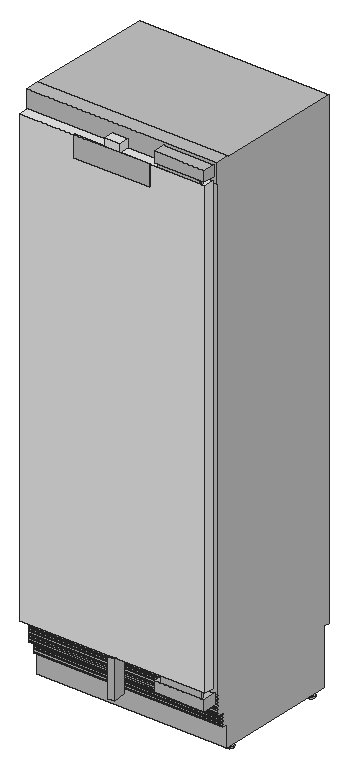
Revit family "FP_Revit_18_RS3084SRHK1_Fridge_90001079A", category Specialty Equipment, Revit 2018
Family settings
  Round Connector Dimension = Use Diameter
  Part Type = Normal
  OmniClass Number = 23.40.40.11.11
  OmniClass Title = Refrigerators and Freezers
  Work Plane-Based = No
  Always vertical = Yes
  Cut with Voids When Loaded = Yes
  Shared = No
  Room Calculation Point = No
Parameters (values of type "RS3084SRK1")
  Visibility - Water Connection = no
  Visibility - Visibility Control Note = yes
  Visibility - Clearance Required = yes
  URL = "www.fisherpaykel.com"
  Stainless Steel Door Panels (RD3484R4D) = no
  Product - Width = 756 mm  # constant formula
  Product - Height = 2134 mm  # constant formula
  Product - Depth (exl front panel) = 610 mm  # constant formula
  Model = "RS3084SRK1"
  Material - Handle = Fisher & Paykel - Aluminium
  Material - Door Structure = Fisher & Paykel - White
  Material - Door Front = Fisher & Paykel - Stainless Steel
  Material - Body = Fisher & Paykel - Grey
  Manufacturer = "Fisher & Paykel Appliances"
  Handle Style - Professional Square (AHV2-RD84) = no
  Handle Style - Professional Round (AHC-RD84) = no
  Handle Style - Contemporary Square (AHD3-RD84) = no
  Handle Style - Contemporary Round (AHS-RD84) = no
  Description = "30\" Integrated Column Refrigerator, stainless steel interior"
  Connector Description - Water = "Water Supply not required"
  Connector Description - Electrical = "120 V, 10 amp fused electrical supply"
  Cavity - Width = 762 mm  # constant formula
  Cavity - Height = 2134 mm  # constant formula
  Cavity - Depth = 635 mm  # constant formula
Types (4, lengths in mm): name | Visibility - Water Connection | Model | Description | Connector Description - Water
  (no name) | no | "RS3084SRK1" | "30\" Integrated Column Refrigerator, stainless steel interior" | "Water Supply not required"
  RS3084SRK1 | no | "RS3084SRK1" | "30\" Integrated Column Refrigerator, stainless steel interior" | "Water Supply not required"
  RS3084SRHK1 | yes | "RS3084SRHK1" | "30\" Integrated Column Refrigerator with internal water, stainless steel interior" | "1/4\" (6mm) comp. stainless steel braided hose"
  RS3084SR1 | no | "RS3084SR1" | "30\" Integrated Column Refrigerator, white interior" | "Water Supply not required"
Reference planes
  plane 1 "Center (Front/Back)": y = 0
  plane 2: z = 0
  plane 3 "Center (Left/Right)": x = 0
  plane 4 "Product LHS": x = -378
  plane 5 "Product RHS": x = 378
  plane 6 "Product - Depth": y = 610
  plane 7 "Cavity LHS": x = -381
  plane 8 "Cavity RHS": x = 381
  plane 9 "Cavity - Depth": y = 612.9
  plane 10 "Handle Offset": x = -315
  plane 11 "Product Height": z = 2134
  plane 12 "Cavity Height": z = 2134
  plane 13 "Door Panel Datum": y = -4.1
Forms (mm)
  Extrusion 1, solid, material "Fisher & Paykel - Grey" <- "Material - Body", detail levels fine
    sketch origin (0, 0, 0) x (0, 1, 0) y (0, 0, 1)
      loop
        line (100.1, 19.1) -> (587.9, 19.1) -> (587.9, 239.7) -> (610, 239.7) -> (610, 2131.9) -> (105.1, 2131.9) -> (105.1, 2134) -> (49.9, 2134) -> (49.9, 2059) -> (56, 2059) -> (56, 228.6) -> (59.5, 228.6) -> (59.5, 219.7) -> (56.5, 219.7) -> (56.5, 215.9) -> (59.5, 215.9) -> (59.5, 207) -> (56.5, 207) -> (56.5, 203.2) -> (59.5, 203.2) -> (59.5, 194.3) -> (56.5, 194.3) -> (56.5, 190.5) -> (59.5, 190.5) -> (59.5, 181.6) -> (56.5, 181.6) -> (56.5, 177.8) -> (59.5, 177.8) -> (59.5, 168.9) -> (56.5, 168.9) -> (56.5, 165.1) -> (59.5, 165.1) -> (59.5, 156.2) -> (56.5, 156.2) -> (56.5, 152.4) -> (84.1, 152.4) -> (84.1, 143.5) -> (81.1, 143.5) -> (81.1, 139.7) -> (84.1, 139.7) -> (84.1, 130.8) -> (81.1, 130.8) -> (81.1, 127) -> (84.1, 127) -> (84.1, 118.1) -> (81.1, 118.1) -> (81.1, 114.3) -> (84.1, 114.3) -> (84.1, 105.4) -> (81.1, 105.4) -> (81.1, 101.6) -> (100.1, 101.6) -> (100.1, 19.1)
    from -378 to 378
  Extrusion 2, solid, material "Fisher & Paykel - Grey" <- "Material - Body"
    sketch origin (0, 0, 0) x (1, 0, 0) y (0, 1, 0)
      loop
        circle (-357.5, 547.8) r 4.1
      loop
        circle (-357.5, 141.8) r 4.1
      loop
        circle (357.5, 547.8) r 4.1
      loop
        circle (357.5, 141.8) r 4.1
    from 3 to 19.1
  Extrusion 3, solid, material "Fisher & Paykel - Grey" <- "Material - Body"
    sketch origin (0, 0, 0) x (1, 0, 0) y (0, 1, 0)
      loop
        circle (-357.5, 547.8) r 14.5
      loop
        circle (-357.5, 141.8) r 14.555
      loop
        circle (357.5, 547.8) r 14.5
      loop
        circle (357.5, 141.8) r 14.555
    from 0 to 3
  Extrusion 4, solid, material "Fisher & Paykel - Grey" <- "Material - Body", detail levels fine
    sketch origin (0, 0, 0) x (1, 0, 0) y (0, 1, 0)
      loop
        line (-7.5, 49) -> (-13.797, -4.1) -> (13.797, -4.1) -> (7.5, 49) -> (-7.5, 49)
    from 104.2 to 254.2
  Extrusion 5, solid, material "Fisher & Paykel - Grey" <- "Material - Body", detail levels fine
    sketch origin (0, 0, 0) x (0, 1, 0) y (0, 0, 1)
      loop
        line (0, 2070.6) -> (0, 1988.6) -> (2, 1988.6) -> (2, 2068.6) -> (4, 2068.6) -> (4, 2070.6) -> (0, 2070.6)
    from -150 to 150
  Extrusion 6, solid, material "Fisher & Paykel - Grey" <- "Material - Body"
    sketch origin (0, 0, 0) x (1, 0, 0) y (0, 0, 1)
      loop
        circle (303, 119.813) r 5
      loop
        circle (-303, 119.813) r 5
    from -590 to -587.9
  Extrusion 7, solid, material "Fisher & Paykel - White" <- "Material - Door Structure"
    sketch origin (0, 0, 0) x (1, 0, 0) y (0, 1, 0)
      loop
        line (-353, 56) -> (-353, 42) -> (353, 42) -> (353, 56) -> (-353, 56)
    from 269.6 to 2030.7
  Extrusion 8, solid, material "Fisher & Paykel - White" <- "Material - Door Structure"
    sketch origin (0, 0, 0) x (1, 0, 0) y (0, 1, 0)
      loop
        line (-369.4, 42) -> (-369.4, 3) -> (369.4, 3) -> (369.4, 42) -> (-369.4, 42)
    from 254.2 to 2068.6
  Extrusion 9, solid, material "Fisher & Paykel - White" <- "Material - Door Structure", detail levels fine
    sketch origin (0, 0, 0) x (1, 0, 0) y (0, 0, 1)
      loop
        line (-29.5, 2100.1) -> (-29.5, 2068.6) -> (29.5, 2068.6) -> (29.5, 2100.1) -> (-29.5, 2100.1)
    from -42 to -3
  Extrusion 10, solid, material "Fisher & Paykel - Stainless Steel" <- "Material - Door Front", visible <- "Stainless Steel Door Panels (RD3484R4D)"
    sketch origin (0, 0, 0) x (0, 1, 0) y (0, 0, 1)
      loop
        line (-22.1, 2130.8) -> (-22.1, 102) -> (-4.1, 102) -> (-4.1, 2130.8) -> (-22.1, 2130.8)
    from -378 to 378
  Extrusion 11, solid, material "Fisher & Paykel - Grey" <- "Material - Body", detail levels coarse+medium
    sketch origin (0, 0, 0) x (0, 1, 0) y (0, 0, 1)
      loop
        line (49.9, 2134) -> (49.9, 2059) -> (56, 2059) -> (56, 152.4) -> (81.1, 152.4) -> (81.1, 101.6) -> (100.1, 101.6) -> (100.1, 19.1) -> (587.9, 19.1) -> (587.9, 239.7) -> (610, 239.7) -> (610, 2134) -> (49.9, 2134)
    from -378 to 378
  Extrusion 12, solid, material "Fisher & Paykel - Grey" <- "Material - Body", detail levels fine
    sketch origin (0, 0, -4) x (0, 1, 0) y (0, 0, 1)
      loop
        arc (163.888, 23.1) -> (180.4, 13.63) -> (196.912, 23.1) r 19.13
        line (196.912, 23.1) -> (163.888, 23.1)
      loop
        arc (493.888, 23.1) -> (510.4, 13.63) -> (526.912, 23.1) r 19.13
        line (526.912, 23.1) -> (493.888, 23.1)
    from 191 to 219
  Extrusion 13, solid, material "Fisher & Paykel - Grey" <- "Material - Body", detail levels fine
    sketch origin (0, 0, -4) x (0, 1, 0) y (0, 0, -1)
      loop
        line (163.888, -23.1) -> (196.912, -23.1)
        arc (196.912, -23.1) -> (180.4, -13.63) -> (163.888, -23.1) r 19.13
      loop
        line (493.888, -23.1) -> (526.912, -23.1)
        arc (526.912, -23.1) -> (510.4, -13.63) -> (493.888, -23.1) r 19.13
    from 191 to 219
  Extrusion 14, solid, material "Fisher & Paykel - Clearance Required", visible <- "Visibility - Clearance Required", detail levels coarse
    sketch origin (0, 0, 0) x (1, 0, 0) y (0, 1, 0)
      loop
        line (-381, 612.9) -> (-381, -4.1) -> (381, -4.1) -> (381, 612.9) -> (-381, 612.9)
    from 0 to 2134
  Extrusion 15, void
    sketch origin (0, 0, 0) x (1, 0, 0) y (0, 1, 0)
      loop
        line (-381, 612.9) -> (-381, -22.1) -> (381, -22.1) -> (381, 612.9) -> (-381, 612.9)
    from 0 to 2134
  Extrusion 16, solid, material "Fisher & Paykel - Grey" <- "Material - Body", detail levels fine
    sketch origin (73, 0, 0) x (1, 0, 0) y (0, 0, 1)
      loop
        line (118.4, 254.2) -> (118.4, 229.75) -> (282.9, 229.75) -> (282.9, 254.2) -> (118.4, 254.2)
      loop
        line (106, 2081.05) -> (106, 2068.6) -> (282.9, 2068.6) -> (282.9, 2076.05) -> (242.9, 2081.05) -> (106, 2081.05)
    from -7 to -4
  Extrusion 17, solid, material "Fisher & Paykel - Clearance Required", visible <- "Visibility - Clearance Required", detail levels coarse
    sketch origin (0, 0, 0) x (1, 0, 0) y (0, 1, 0)
      loop
        line (-328.5, -22.1) -> (-378, -22.1)
        arc (-378, -22.1) -> (-22.015, -691.951) -> (734.604, -746.289) r 783.517
        line (734.604, -746.289) -> (712.602, -698.95) -> (738.875, -686.699)
        arc (738.875, -686.699) -> (747.815, -662.136) -> (723.252, -653.196) r 18.483
        line (723.252, -653.196) -> (697.006, -665.395) -> (415.915, -60.616)
        arc (415.915, -60.616) -> (380.992, -57.074) -> (378, -22.1) r 27.5
        line (378, -22.1) -> (-328.5, -22.1)
    from 0 to 2134
  Extrusion 18, solid, material "Fisher & Paykel - Grey" <- "Material - Body", detail levels fine
    sketch origin (0, 0, 0) x (1, 0, 0) y (0, 0, 1)
      loop
        line (366.4, 2123.15) -> (168.42, 2123.15) -> (168.42, 2081.05) -> (366.4, 2081.05) -> (366.4, 2123.15)
    from -49 to -2.5
  Extrusion 19, solid, material "Fisher & Paykel - Grey" <- "Material - Body", detail levels fine
    sketch origin (0, 0, 0) x (1, 0, 0) y (0, 0, 1)
      loop
        line (366.4, 187.65) -> (366.4, 229.75) -> (168.42, 229.75) -> (168.42, 187.65) -> (366.4, 187.65)
    from -56 to -2.5
Lines and regions (mm)
  model lines, style "Fisher & Paykel"
    curve 1: line (-378, -4.1, 2130.8) -> (378, -4.1, 2130.8)
    curve 2: line (-378, -4.1, 102) -> (-378, -4.1, 2130.8)
    curve 3: line (378, -4.1, 102) -> (-378, -4.1, 102)
    curve 4: line (378, -4.1, 2130.8) -> (378, -4.1, 102)
Text (mm)
  text "Due to ongoing product development, product details are subject to change without notice. \nPlease always refer to www.fisherpaykel.com for the most current product information. \n© Fisher & Paykel 2020" at (41.04, -848.295, 0), in view "Ref. Level (Plan)"
Dimensions and locks
  equal spacing: plane 4 "Product LHS", plane 3 "Center (Left/Right)", plane 5 "Product RHS"
  "Product - Width": plane 4 "Product LHS" to plane 5 "Product RHS"
  "Product - Depth (exl front panel)": plane 1 "Center (Front/Back)" to plane 6 "Product - Depth"
  equal spacing: plane 7 "Cavity LHS", plane 3 "Center (Left/Right)", plane 8 "Cavity RHS"
  "Cavity - Width": plane 7 "Cavity LHS" to plane 8 "Cavity RHS"
  plane 4 "Product LHS" to Extrusion 2 sketch curve = 24.6 mm
  plane 4 "Product LHS" to plane 10 "Handle Offset" = 63 mm
  Extrusion 6 sketch curve to Extrusion 1 = 119.887 mm  (x2)
  Extrusion 6 sketch curve to plane 5 "Product RHS" = 75 mm
  plane 4 "Product LHS" to Extrusion 6 sketch curve = 75 mm
  Extrusion 1 sketch curve to Extrusion 1 sketch curve = 82.5 mm
  Extrusion 1 sketch curve to Extrusion 1 sketch curve = 209.5 mm
  Extrusion 1 sketch curve to Extrusion 1 sketch curve = 220.6 mm
  Extrusion 3 to level = 3 mm
  Extrusion 11 to Extrusion 8 = 235.1 mm
  Extrusion 11 to Extrusion 7 = 250.5 mm
  Extrusion 11 to Extrusion 11 = 2114.9 mm
  Extrusion 11 to Extrusion 10 = 82.9 mm
  "Product - Height": level to plane 11 "Product Height"
  plane 11 "Product Height" to Extrusion 10 = 3.2 mm
  Extrusion 8 to plane 11 "Product Height" = 65.4 mm
  Extrusion 7 to plane 11 "Product Height" = 103.3 mm
  Extrusion 11 sketch curve to plane 11 "Product Height" = 75 mm
  Extrusion 1 sketch curve to plane 11 "Product Height" = 2.1 mm
  Extrusion 1 sketch curve to plane 11 "Product Height" = 75 mm
  "Cavity - Height": plane 12 "Cavity Height" to level
  plane 1 "Center (Front/Back)" to Extrusion 14 = 612.9 mm
  plane 1 "Center (Front/Back)" to Extrusion 15 = 612.9 mm
  Extrusion 16 sketch curve to Extrusion 16 sketch curve = 40 mm
  Extrusion 16 sketch curve to plane 3 "Center (Left/Right)" = 179 mm
  Extrusion 16 sketch curve to Extrusion 16 sketch curve = 176.9 mm
  Extrusion 16 sketch curve to plane 3 "Center (Left/Right)" = 191.4 mm
  plane 3 "Center (Left/Right)" to Extrusion 16 sketch curve = 355.9 mm
  Extrusion 17 to plane 1 "Center (Front/Back)" = 22.1 mm
  "Cavity - Depth": plane 9 "Cavity - Depth" to Extrusion 17
  radius of Extrusion 6 sketch curve = 5 mm
  aligned and locked: level to plane 2
  aligned and locked: Extrusion 10 to plane 5 "Product RHS"
  aligned and locked: plane 4 "Product LHS" to Extrusion 10
  aligned and locked: Extrusion 11 to plane 5 "Product RHS"
  aligned and locked: Extrusion 11 to plane 4 "Product LHS"
  aligned and locked: Extrusion 11 sketch curve to plane 11 "Product Height"
  aligned and locked: plane 11 "Product Height" to Extrusion 1 sketch curve
  aligned and locked: Extrusion 12 sketch curve to Extrusion 12 sketch curve
  aligned and locked: Extrusion 13 sketch curve to Extrusion 13 sketch curve
  aligned and locked: Extrusion 1 to plane 5 "Product RHS"
  aligned and locked: plane 4 "Product LHS" to Extrusion 1
  aligned and locked: Extrusion 11 sketch curve to Extrusion 1  (x4)
  aligned and locked: Extrusion 2 to Extrusion 1
  aligned and locked: nested 2 to plane 10 "Handle Offset"
  aligned and locked: nested 3 to plane 10 "Handle Offset"
  aligned and locked: nested 4 to plane 10 "Handle Offset"
  aligned and locked: nested 5 to plane 10 "Handle Offset"
Automatic sketch dimensions
  Extrusion 1 sketch curve to plane 6 "Product - Depth" = 0 mm
  Extrusion 1 sketch curve to Extrusion 1 sketch curve = 22.1 mm
  Extrusion 1 sketch curve to plane 1 "Center (Front/Back)" = 105.1 mm
  level to Extrusion 1 sketch curve = 19.1 mm
  Extrusion 1 sketch curve to plane 1 "Center (Front/Back)" = 100.1 mm
  Extrusion 1 sketch curve to Extrusion 1 sketch curve = 16 mm
  Extrusion 1 sketch curve to Extrusion 1 sketch curve = 0 mm  (x8)
  Extrusion 1 sketch curve to Extrusion 1 sketch curve = 3 mm  (x10)
  Extrusion 1 sketch curve to plane 1 "Center (Front/Back)" = 59.5 mm
  Extrusion 1 sketch curve to plane 1 "Center (Front/Back)" = 56 mm
  Extrusion 1 sketch curve to plane 1 "Center (Front/Back)" = 49.9 mm
  Extrusion 1 sketch curve to Extrusion 1 sketch curve = 3.8 mm  (x10)
  Extrusion 1 sketch curve to Extrusion 1 sketch curve = 8.9 mm  (x9)
  Extrusion 2 sketch curve to plane 4 "Product LHS" = 20.5 mm  (x2)
  plane 5 "Product RHS" to Extrusion 2 sketch curve = 20.5 mm  (x2)
  Extrusion 2 sketch curve to plane 1 "Center (Front/Back)" = 141.8 mm  (x2)
  Extrusion 2 sketch curve to plane 6 "Product - Depth" = 62.2 mm  (x2)
  Extrusion 3 sketch curve to plane 4 "Product LHS" = 20.5 mm  (x2)
  plane 5 "Product RHS" to Extrusion 3 sketch curve = 20.5 mm  (x2)
  Extrusion 3 sketch curve to plane 1 "Center (Front/Back)" = 141.8 mm  (x2)
  Extrusion 3 sketch curve to plane 6 "Product - Depth" = 62.2 mm  (x2)
  plane 1 "Center (Front/Back)" to Extrusion 4 sketch curve = 4.1 mm
  Extrusion 4 sketch curve to plane 3 "Center (Left/Right)" = 13.797 mm
  Extrusion 4 sketch curve to plane 3 "Center (Left/Right)" = 7.5 mm
  plane 3 "Center (Left/Right)" to Extrusion 4 sketch curve = 7.5 mm
  plane 3 "Center (Left/Right)" to Extrusion 4 sketch curve = 13.797 mm
  Extrusion 4 sketch curve to plane 1 "Center (Front/Back)" = 49 mm
  Extrusion 5 sketch curve to plane 1 "Center (Front/Back)" = 0 mm
  Extrusion 5 sketch curve to plane 1 "Center (Front/Back)" = 2 mm
  Extrusion 5 sketch curve to Extrusion 5 sketch curve = 2 mm  (x2)
  plane 11 "Product Height" to Extrusion 5 sketch curve = 145.4 mm
  plane 11 "Product Height" to Extrusion 5 sketch curve = 65.4 mm
  Extrusion 7 sketch curve to plane 4 "Product LHS" = 25 mm
  plane 5 "Product RHS" to Extrusion 7 sketch curve = 25 mm
  Extrusion 7 sketch curve to plane 1 "Center (Front/Back)" = 42 mm
  Extrusion 7 sketch curve to Extrusion 7 sketch curve = 14 mm
  Extrusion 8 sketch curve to plane 1 "Center (Front/Back)" = 3 mm
  Extrusion 8 sketch curve to plane 4 "Product LHS" = 8.6 mm
  plane 5 "Product RHS" to Extrusion 8 sketch curve = 8.6 mm
  Extrusion 8 sketch curve to Extrusion 8 sketch curve = 39 mm
  Extrusion 9 sketch curve to plane 3 "Center (Left/Right)" = 29.5 mm
  plane 3 "Center (Left/Right)" to Extrusion 9 sketch curve = 29.5 mm
  plane 11 "Product Height" to Extrusion 9 sketch curve = 65.4 mm
  Extrusion 9 sketch curve to Extrusion 9 sketch curve = 31.5 mm
  plane 1 "Center (Front/Back)" to Extrusion 10 sketch curve = 22.1 mm
  plane 1 "Center (Front/Back)" to Extrusion 10 sketch curve = 4.1 mm
  level to Extrusion 10 sketch curve = 102 mm
  plane 11 "Product Height" to Extrusion 10 sketch curve = 3.2 mm
  Extrusion 11 sketch curve to plane 6 "Product - Depth" = 0 mm
  Extrusion 11 sketch curve to plane 6 "Product - Depth" = 22.1 mm
  Extrusion 11 sketch curve to plane 1 "Center (Front/Back)" = 100.1 mm
  Extrusion 11 sketch curve to Extrusion 11 sketch curve = 19 mm
  Extrusion 11 sketch curve to plane 1 "Center (Front/Back)" = 56 mm
  Extrusion 11 sketch curve to plane 1 "Center (Front/Back)" = 49.9 mm
  Extrusion 11 sketch curve to Extrusion 11 sketch curve = 50.8 mm
  level to Extrusion 12 sketch curve = 19.1 mm
  Extrusion 12 sketch curve to plane 1 "Center (Front/Back)" = 163.888 mm
  Extrusion 12 sketch curve to Extrusion 12 sketch curve = 16.512 mm  (x2)
  Extrusion 12 sketch curve to plane 6 "Product - Depth" = 116.112 mm
  Extrusion 12 sketch curve to Extrusion 12 sketch curve = 9.66 mm  (x2)
  level to Extrusion 13 sketch curve = 19.1 mm
  Extrusion 13 sketch curve to plane 1 "Center (Front/Back)" = 163.888 mm
  Extrusion 13 sketch curve to Extrusion 13 sketch curve = 16.512 mm  (x2)
  Extrusion 13 sketch curve to plane 6 "Product - Depth" = 116.112 mm
  Extrusion 13 sketch curve to Extrusion 13 sketch curve = 9.66 mm  (x2)
  Extrusion 14 sketch curve to plane 7 "Cavity LHS" = 0 mm
  Extrusion 14 sketch curve to plane 8 "Cavity RHS" = 0 mm
  Extrusion 14 sketch curve to plane 9 "Cavity - Depth" = 0 mm
  plane 1 "Center (Front/Back)" to Extrusion 14 sketch curve = 4.1 mm
  Extrusion 15 sketch curve to plane 7 "Cavity LHS" = 0 mm
  Extrusion 15 sketch curve to plane 8 "Cavity RHS" = 0 mm
  Extrusion 15 sketch curve to plane 9 "Cavity - Depth" = 0 mm
  plane 1 "Center (Front/Back)" to Extrusion 15 sketch curve = 22.1 mm
  level to Extrusion 16 sketch curve = 229.75 mm
  Extrusion 16 sketch curve to Extrusion 16 sketch curve = 24.45 mm
  plane 11 "Product Height" to Extrusion 16 sketch curve = 65.4 mm
  Extrusion 16 sketch curve to Extrusion 16 sketch curve = 7.45 mm
  Extrusion 16 sketch curve to Extrusion 16 sketch curve = 5 mm
  Extrusion 17 sketch curve to plane 4 "Product LHS" = 0 mm
  plane 10 "Handle Offset" to Extrusion 17 sketch curve = 13.5 mm
  plane 5 "Product RHS" to Extrusion 17 sketch curve = 0 mm
  Extrusion 17 sketch curve to plane 8 "Cavity RHS" = 19.59 mm
  Extrusion 17 sketch curve to Extrusion 17 sketch curve = 4.816 mm
  Extrusion 17 sketch curve to Extrusion 17 sketch curve = 10.509 mm
  Extrusion 17 sketch curve to plane 8 "Cavity RHS" = 316.006 mm
  Extrusion 17 sketch curve to Extrusion 17 sketch curve = 15.596 mm
  Extrusion 17 sketch curve to Extrusion 17 sketch curve = 26.246 mm
  Extrusion 17 sketch curve to Extrusion 17 sketch curve = 7.811 mm  (x2)
  Extrusion 17 sketch curve to Extrusion 17 sketch curve = 22.003 mm
  plane 1 "Center (Front/Back)" to Extrusion 17 sketch curve = 746.289 mm
  Extrusion 17 sketch curve to Extrusion 17 sketch curve = 47.339 mm
  Extrusion 17 sketch curve to Extrusion 17 sketch curve = 12.251 mm
  Extrusion 17 sketch curve to Extrusion 17 sketch curve = 16.751 mm
  Extrusion 17 sketch curve to Extrusion 17 sketch curve = 12.199 mm
  Extrusion 17 sketch curve to Extrusion 17 sketch curve = 22.833 mm
  plane 11 "Product Height" to Extrusion 18 sketch curve = 10.85 mm
  plane 3 "Center (Left/Right)" to Extrusion 18 sketch curve = 168.42 mm
  plane 5 "Product RHS" to Extrusion 18 sketch curve = 11.6 mm
  Extrusion 18 sketch curve to Extrusion 18 sketch curve = 42.1 mm
  plane 3 "Center (Left/Right)" to Extrusion 19 sketch curve = 168.42 mm
  plane 5 "Product RHS" to Extrusion 19 sketch curve = 11.6 mm
  level to Extrusion 19 sketch curve = 187.65 mm
  Extrusion 19 sketch curve to Extrusion 19 sketch curve = 42.1 mm
  plane 5 "Product RHS" to curve 1 = 0 mm
  plane 4 "Product LHS" to curve 3 = 0 mm
  level to curve 3 = 102 mm
  plane 11 "Product Height" to curve 2 = 3.2 mm
  radius of Extrusion 2 sketch curve = 4.1 mm  (x3)
  radius of Extrusion 3 sketch curve = 14.5 mm  (x2)
  radius of Extrusion 3 sketch curve = 14.555 mm  (x2)
  radius of Extrusion 6 sketch curve = 5 mm
Nested families
  nested 1: "Visibility Control Note 18" at (0, 0, 0), visible <- "Visibility - Visibility Control Note", type "Visibility Control Note 18"
  nested 2: "Handle Contemporary Round - Vertical" at (-315, -22.1, 1242.58), visible <- "Handle Style - Contemporary Round (AHS-RD84)", type "AHS-RD84 - Contemporary round handle (Vertical) 852mm"
  nested 3: "Handle Contemporary Square - Vertical" at (-315, -22.1, 1242.58), visible <- "Handle Style - Contemporary Square (AHD3-RD84)", type "AHD3-RD84 - Contemporary square handle (Vertical) 852mm"
  nested 4: "Handle Professional Round - Vertical" at (-315, -22.1, 1242.58), visible <- "Handle Style - Professional Round (AHC-RD84)", type "AHC-RD84 - Professional round handle (Vertical) 786mm"
  nested 5: "Handle Professional Square - Vertical" at (-315, -22.1, 1242.58), visible <- "Handle Style - Professional Square (AHV2-RD84)", type "AHV2-RD84 - Professional square handle (Vertical) 792mm"
Connectors
  electrical at (-303, 590, 119.813), driven by "Connector Description - Electrical"
    settings: on Extrusion 6, index 1, voltage 120 V, apparent load 0 VA, apparent load phase1 0 VA, apparent load phase2 0 VA, apparent load phase3 0 VA, power factor 1, load classification "Other", number of poles 1, system type 30, power factor state 1, is connector primary yes, connector utility no, sub classification motor no, connector description "120 V, 10 amp fused electrical supply"
  piping at (303, 590, 119.813), diameter 12.7, driven by "Visibility - Water Connection", driven by "Connector Description - Water"
    settings: on Extrusion 6, index 2, connector inside diameter 609.6 mm, connector length 0 mm, flow factor 0, pipe flow 0.0 L/s, pressure drop 0.0 Pa, fitting loss kfactor 0, connector angle 0.00°, fixture units 0, engagement length 0 mm, angle of deflection 0.00°, flow configuration 0, flow direction 1, fitting loss method 0, system type 20, joint type 0, gender type 0, connector reference index -1, connector utility 0, adjustable connector no, is connector primary yes, connector description "Water Supply not required"
Definition of nested family "Handle Contemporary Round - Vertical"
  Parameters (values of type "AHSRS80A - Contemporary round handle (1 of 2) (Vertical) 727mm")
    URL = "www.fisherpaykel.com"
    Material - Handle = none
    Manufacturer = "Fisher & Paykel Appliances"
    Handle - Length = 727 mm
  Types (6, lengths in mm): name | Handle - Length
    AHS-RD21 - Contemporary round handle (Vertical) 852mm | 852
    AHSRD2484W - Contemporary round handle (1 of 2) (Vertical) 727mm | 727
    AHSRD3084W - Contemporary round handle (1 of 2) (Vertical) 727mm | 727
    AHS-RD84 - Contemporary round handle (Vertical) 852mm | 852
    AHSRS3272A - Contemporary round handle (1 of 2) (Vertical) 727mm | 727
    AHSRS80A - Contemporary round handle (1 of 2) (Vertical) 727mm | 727
  Reference planes
    plane 1 "Center (Front/Back)": y = 0
    plane 2: z = 0
    plane 3 "Center (Left/Right)": x = 0
    plane 4 "Top": z = 363.5
    plane 5 "Bottom": z = -363.5
    plane 6 "Top Standoff": z = 243.5
    plane 7 "Bottom Standoff": z = -243.5
  Forms (mm)
    Extrusion 1, solid, material <- "Material - Handle"
      sketch origin (0, 0, 0) x (1, 0, 0) y (0, 1, 0)
        loop
          circle (0, -32.3) r 8.7
      from -243.5 to 243.5
    Extrusion 2, solid, material <- "Material - Handle", detail levels fine
      sketch origin (0, 0, 0) x (1, 0, 0) y (0, 1, 0)
        loop
          line (-8.7, 0) -> (-8.7, -32.3)
          arc (-8.7, -32.3) -> (0, -41) -> (8.7, -32.3) r 8.7
          line (8.7, -32.3) -> (8.7, 0) -> (-8.7, 0)
      from 243.5 to 363.5
    Extrusion 3, solid, material <- "Material - Handle", detail levels fine
      sketch origin (0, 0, 0) x (1, 0, 0) y (0, 1, 0)
        loop
          line (-8.7, 0) -> (-8.7, -32.3)
          arc (-8.7, -32.3) -> (0, -41) -> (8.7, -32.3) r 8.7
          line (8.7, -32.3) -> (8.7, 0) -> (-8.7, 0)
      from -363.5 to -243.5
    Sweep 4, void
      path in 3D
        loop
          line (8.7, 0, -363.5) -> (8.7, -32.3, -363.5)
          arc (8.7, -32.3, -363.5) -> (0, -41, -363.5) -> (-8.7, -32.3, -363.5) r 8.7
          line (-8.7, -32.3, -363.5) -> (-8.7, 0, -363.5)
      profile origin (8.7, -16.15, -363.5) x (-1, 0, 0) y (0, 0, -1)
        loop
          line (0, 0) -> (0, -1) -> (1, 0) -> (0, 0)
    Sweep 5, void
      path in 3D
        loop
          line (-8.7, 0, 363.5) -> (-8.7, -32.3, 363.5)
          arc (-8.7, -32.3, 363.5) -> (0, -41, 363.5) -> (8.7, -32.3, 363.5) r 8.7
          line (8.7, -32.3, 363.5) -> (8.7, 0, 363.5)
      profile origin (8.7, -16.15, 363.5) x (-1, 0, 0) y (0, 0, 1)
        loop
          line (0, 0) -> (0, -1) -> (1, 0) -> (0, 0)
    Extrusion 6, solid, material <- "Material - Handle", detail levels coarse+medium
      sketch origin (0, 0, 0) x (1, 0, 0) y (0, 1, 0)
        loop
          line (-8.7, 0) -> (-8.7, -32.3)
          arc (-8.7, -32.3) -> (0, -41) -> (8.7, -32.3) r 8.7
          line (8.7, -32.3) -> (8.7, 0) -> (-8.7, 0)
      from 243.5 to 363.5
    Extrusion 7, solid, material <- "Material - Handle", detail levels coarse+medium
      sketch origin (0, 0, 0) x (1, 0, 0) y (0, 1, 0)
        loop
          line (-8.7, 0) -> (-8.7, -32.3)
          arc (-8.7, -32.3) -> (0, -41) -> (8.7, -32.3) r 8.7
          line (8.7, -32.3) -> (8.7, 0) -> (-8.7, 0)
      from -363.5 to -243.5
  Cuts and joins
    Sweep 4 cuts Extrusion 3
    Sweep 5 cuts Extrusion 2
  Lines and regions (mm)
    sketch lines
      curve 1: line (8.7, 0, -363.5) -> (8.7, -32.3, -363.5)
      curve 2: arc (-8.7, -32.3, -363.5) -> (0, -41, -363.5) -> (8.7, -32.3, -363.5) r 8.7
      curve 3: line (-8.7, -32.3, -363.5) -> (-8.7, 0, -363.5)
      curve 4: line (8.7, -32.3, 363.5) -> (8.7, 0, 363.5)
      curve 5: arc (8.7, -32.3, 363.5) -> (0, -41, 363.5) -> (-8.7, -32.3, 363.5) r 8.7
      curve 6: line (-8.7, 0, 363.5) -> (-8.7, -32.3, 363.5)
  Dimensions and locks
    equal spacing: plane 4 "Top", level, plane 5 "Bottom"
    "Handle - Length": plane 4 "Top" to plane 5 "Bottom"
    locked: plane 4 "Top" to plane 6 "Top Standoff" at 120
    locked: plane 7 "Bottom Standoff" to plane 5 "Bottom" at 120
    Extrusion 2 sketch curve to Extrusion 2 sketch curve = 17.4 mm
    Extrusion 3 sketch curve to Extrusion 3 sketch curve = 17.4 mm
    Extrusion 6 sketch curve to Extrusion 6 sketch curve = 17.4 mm
    Extrusion 7 sketch curve to Extrusion 7 sketch curve = 17.4 mm
    aligned and locked: level to plane 2
    aligned and locked: plane 4 "Top" to Extrusion 2
    aligned and locked: Extrusion 3 to plane 5 "Bottom"
    aligned and locked: plane 7 "Bottom Standoff" to Extrusion 3
    aligned and locked: Extrusion 1 to plane 7 "Bottom Standoff"
    aligned and locked: plane 6 "Top Standoff" to Extrusion 1
    aligned and locked: Extrusion 2 to Extrusion 1
    aligned and locked: Extrusion 6 to Extrusion 1
    aligned and locked: plane 4 "Top" to Extrusion 6
    aligned and locked: Extrusion 7 to Extrusion 1
    aligned and locked: Extrusion 7 to plane 5 "Bottom"
  Automatic sketch dimensions
    Extrusion 1 sketch curve to plane 3 "Center (Left/Right)" = 0 mm
    plane 1 "Center (Front/Back)" to Extrusion 1 sketch curve = 32.3 mm
    plane 1 "Center (Front/Back)" to Extrusion 2 sketch curve = 0 mm
    Extrusion 2 sketch curve to plane 3 "Center (Left/Right)" = 0 mm
    Extrusion 2 sketch curve to plane 3 "Center (Left/Right)" = 8.7 mm
    plane 1 "Center (Front/Back)" to Extrusion 2 sketch curve = 32.3 mm
    plane 1 "Center (Front/Back)" to Extrusion 3 sketch curve = 0 mm
    Extrusion 3 sketch curve to plane 3 "Center (Left/Right)" = 0 mm
    Extrusion 3 sketch curve to plane 3 "Center (Left/Right)" = 8.7 mm
    plane 1 "Center (Front/Back)" to Extrusion 3 sketch curve = 32.3 mm
    Sweep 4 sketch curve to profile plane = 0 mm  (x2)
    Sweep 4 sketch curve to profile plane = 1 mm  (x2)
    Sweep 5 sketch curve to profile plane = 0 mm  (x2)
    Sweep 5 sketch curve to profile plane = 1 mm  (x2)
    Extrusion 6 sketch curve to plane 3 "Center (Left/Right)" = 0 mm
    Extrusion 6 sketch curve to plane 3 "Center (Left/Right)" = 8.7 mm
    plane 1 "Center (Front/Back)" to Extrusion 6 sketch curve = 32.3 mm
    Extrusion 6 sketch curve to Extrusion 6 sketch curve = 32.3 mm
    Extrusion 7 sketch curve to plane 3 "Center (Left/Right)" = 0 mm
    Extrusion 7 sketch curve to plane 3 "Center (Left/Right)" = 8.7 mm
    plane 1 "Center (Front/Back)" to Extrusion 7 sketch curve = 32.3 mm
    Extrusion 7 sketch curve to Extrusion 7 sketch curve = 32.3 mm
    radius of Extrusion 1 sketch curve = 8.7 mm
Definition of nested family "Handle Contemporary Square - Vertical"
  Parameters (values of type "AHD3RS80A - Contemporary square handle (1 of 2) (Vertical) 727mm")
    URL = "www.fisherpaykel.com"
    Material - Handle = none
    Manufacturer = "Fisher & Paykel Appliances"
    Handle - Length = 727 mm
  Types (7, lengths in mm): name | Handle - Length
    (no name) | 727
    AHD3-RD21 - Contemporary square handle (Vertical) 852mm | 852
    AHD3RD2484W - Contemporary square handle (1 of 2) (Vertical) 727mm | 727
    AHD3RD3084W - Contemporary square handle (1 of 2) (Vertical) 727mm | 727
    AHD3-RD84 - Contemporary square handle (Vertical) 852mm | 852
    AHD3RS3272A - Contemporary square handle (1 of 2) (Vertical) 727mm | 727
    AHD3RS80A - Contemporary square handle (1 of 2) (Vertical) 727mm | 727
  Reference planes
    plane 1 "Center (Front/Back)": y = 0
    plane 2: z = 0
    plane 3 "Center (Left/Right)": x = 0
    plane 4 "Top": z = 363.5
    plane 5 "Bottom": z = -363.5
    plane 6 "Top Standoff": z = 243.5
    plane 7 "Bottom Standoff": z = -243.5
  Forms (mm)
    Extrusion 1, solid, material <- "Material - Handle", detail levels fine
      sketch origin (0, 0, 0) x (1, 0, 0) y (0, 1, 0)
        loop
          arc (-7.583, -28.701) -> (-7.89, -29.057) -> (-8, -29.514) r 1
          line (-8, -29.514) -> (-8, -40.5)
          arc (-8, -40.5) -> (-7.561, -41.561) -> (-6.5, -42) r 1.5
          line (-6.5, -42) -> (6.5, -42)
          arc (6.5, -42) -> (7.561, -41.561) -> (8, -40.5) r 1.5
          line (8, -40.5) -> (8, -29.487)
          arc (8, -29.487) -> (7.889, -29.029) -> (7.58, -28.673) r 1
          arc (7.58, -28.673) -> (-0.006, -26.256) -> (-7.583, -28.701) r 13.038
      from -363.5 to 363.5
    Extrusion 2, solid, material <- "Material - Handle", detail levels fine
      sketch origin (0, 0, 0) x (1, 0, 0) y (0, 1, 0)
        loop
          arc (7.058, -28.23) -> (7.466, -28.244) -> (7.674, -27.893) r 0.4
          line (7.674, -27.893) -> (7.674, 0) -> (-7.674, 0) -> (-7.674, -27.86)
          arc (-7.674, -27.86) -> (-7.467, -28.21) -> (-7.06, -28.198) r 0.4
          arc (-7.06, -28.198) -> (0.004, -26.156) -> (7.058, -28.23) r 13.136
      from 243.5 to 363.5
    Extrusion 3, solid, material <- "Material - Handle", detail levels fine
      sketch origin (0, 0, 0) x (1, 0, 0) y (0, 1, 0)
        loop
          arc (7.058, -28.23) -> (7.466, -28.244) -> (7.674, -27.893) r 0.4
          line (7.674, -27.893) -> (7.674, 0) -> (-7.674, 0) -> (-7.674, -27.86)
          arc (-7.674, -27.86) -> (-7.467, -28.21) -> (-7.06, -28.198) r 0.4
          arc (-7.06, -28.198) -> (0.004, -26.156) -> (7.058, -28.23) r 13.136
      from -363.5 to -243.5
    Sweep 4, void
      path in 3D
        loop
          line (-8, -29.514, 363.5) -> (-8, -40.5, 363.5)
          arc (-8, -40.5, 363.5) -> (-7.561, -41.561, 363.5) -> (-6.5, -42, 363.5) r 1.5
          line (-6.5, -42, 363.5) -> (6.5, -42, 363.5)
          arc (6.5, -42, 363.5) -> (7.561, -41.561, 363.5) -> (8, -40.5, 363.5) r 1.5
          line (8, -40.5, 363.5) -> (8, -29.487, 363.5)
      profile origin (8, -34.994, 363.5) x (-1, 0, 0) y (0, 0, 1)
        loop
          line (0, 0) -> (0, -1.3) -> (1.3, 0) -> (0, 0)
    Sweep 5, void
      path in 3D
        loop
          line (8, -29.487, -363.5) -> (8, -40.5, -363.5)
          arc (8, -40.5, -363.5) -> (7.561, -41.561, -363.5) -> (6.5, -42, -363.5) r 1.5
          line (6.5, -42, -363.5) -> (-6.5, -42, -363.5)
          arc (-6.5, -42, -363.5) -> (-7.561, -41.561, -363.5) -> (-8, -40.5, -363.5) r 1.5
          line (-8, -40.5, -363.5) -> (-8, -29.514, -363.5)
      profile origin (8, -34.994, -363.5) x (-1, 0, 0) y (0, 0, -1)
        loop
          line (0, 0) -> (0, -1.3) -> (1.3, 0) -> (0, 0)
    Extrusion 6, void
      sketch origin (0, 0, 0) x (1, 0, 0) y (0, 0, 1)
        loop
          line (-8, -362.2) -> (-8, -363.5) -> (-6.7, -363.5) -> (-8, -362.2)
        loop
          line (8, -362.2) -> (6.7, -363.5) -> (8, -363.5) -> (8, -362.2)
      from 0 to 40
    Extrusion 7, void
      sketch origin (0, 0, 0) x (1, 0, 0) y (0, 0, 1)
        loop
          line (-8, 363.5) -> (-8, 362.2) -> (-6.7, 363.5) -> (-8, 363.5)
        loop
          line (8, 363.5) -> (6.7, 363.5) -> (8, 362.2) -> (8, 363.5)
      from 0 to 40
    Extrusion 8, solid, material <- "Material - Handle", detail levels coarse+medium
      sketch origin (0, 0, 0) x (0, 1, 0) y (0, 0, 1)
        loop
          line (0, 363.5) -> (-42, 363.5) -> (-42, -363.5) -> (0, -363.5) -> (0, -243.5) -> (-26.245, -243.5) -> (-26.245, 243.5) -> (0, 243.5) -> (0, 363.5)
      from -8 to 8
  Cuts and joins
    Sweep 4, Sweep 5, Extrusion 6, Extrusion 7 cuts Extrusion 1
    Extrusion 6 cuts Extrusion 3
    Extrusion 7 cuts Extrusion 2
  Lines and regions (mm)
    sketch lines
      curve 1: line (8, -40.5, 363.5) -> (8, -29.487, 363.5)
      curve 2: arc (8, -40.5, 363.5) -> (7.561, -41.561, 363.5) -> (6.5, -42, 363.5) r 1.5
      curve 3: line (-6.5, -42, 363.5) -> (6.5, -42, 363.5)
      curve 4: arc (-6.5, -42, 363.5) -> (-7.561, -41.561, 363.5) -> (-8, -40.5, 363.5) r 1.5
      curve 5: line (-8, -29.514, 363.5) -> (-8, -40.5, 363.5)
      curve 6: line (8, -29.487, -363.5) -> (8, -40.5, -363.5)
      curve 7: arc (6.5, -42, -363.5) -> (7.561, -41.561, -363.5) -> (8, -40.5, -363.5) r 1.5
      curve 8: line (6.5, -42, -363.5) -> (-6.5, -42, -363.5)
      curve 9: arc (-8, -40.5, -363.5) -> (-7.561, -41.561, -363.5) -> (-6.5, -42, -363.5) r 1.5
      curve 10: line (-8, -40.5, -363.5) -> (-8, -29.514, -363.5)
  Dimensions and locks
    equal spacing: plane 4 "Top", level, plane 5 "Bottom"
    "Handle - Length": plane 4 "Top" to plane 5 "Bottom"
    locked: plane 4 "Top" to plane 6 "Top Standoff" at 120
    locked: plane 7 "Bottom Standoff" to plane 5 "Bottom" at 120
    aligned and locked: level to plane 2
    aligned and locked: plane 4 "Top" to Extrusion 2
    aligned and locked: Extrusion 2 to plane 6 "Top Standoff"
    aligned and locked: plane 4 "Top" to Extrusion 1
    aligned and locked: Extrusion 1 to plane 5 "Bottom"
    aligned and locked: Extrusion 3 to plane 5 "Bottom"
    aligned and locked: plane 7 "Bottom Standoff" to Extrusion 3
    aligned and locked: plane 4 "Top" to Extrusion 8 sketch curve
    aligned and locked: plane 6 "Top Standoff" to Extrusion 8 sketch curve
    aligned and locked: plane 7 "Bottom Standoff" to Extrusion 8 sketch curve
    aligned and locked: plane 5 "Bottom" to Extrusion 8 sketch curve
    aligned and locked: plane 1 "Center (Front/Back)" to Extrusion 8 sketch curve  (x2)
  Automatic sketch dimensions
    Extrusion 1 sketch curve to plane 3 "Center (Left/Right)" = 8 mm
    Extrusion 1 sketch curve to Extrusion 1 sketch curve = 1 mm  (x2)
    Extrusion 1 sketch curve to Extrusion 1 sketch curve = 1.5 mm
    plane 3 "Center (Left/Right)" to Extrusion 1 sketch curve = 0.018 mm
    plane 3 "Center (Left/Right)" to Extrusion 1 sketch curve = 6.5 mm
    plane 3 "Center (Left/Right)" to Extrusion 1 sketch curve = 7 mm
    plane 1 "Center (Front/Back)" to Extrusion 1 sketch curve = 42 mm
    Extrusion 1 sketch curve to Extrusion 1 sketch curve = 1.206 mm
    Extrusion 1 sketch curve to Extrusion 1 sketch curve = 10.986 mm
    Extrusion 1 sketch curve to Extrusion 1 sketch curve = 11.013 mm
    Extrusion 1 sketch curve to Extrusion 1 sketch curve = 0 mm
    plane 1 "Center (Front/Back)" to Extrusion 2 sketch curve = 0 mm
    Extrusion 2 sketch curve to plane 3 "Center (Left/Right)" = 7.674 mm
    Extrusion 2 sketch curve to Extrusion 2 sketch curve = 0.4 mm  (x2)
    Extrusion 2 sketch curve to plane 3 "Center (Left/Right)" = 0.026 mm
    plane 3 "Center (Left/Right)" to Extrusion 2 sketch curve = 7.274 mm
    plane 1 "Center (Front/Back)" to Extrusion 2 sketch curve = 27.86 mm
    Extrusion 2 sketch curve to Extrusion 2 sketch curve = 0.033 mm
    Extrusion 2 sketch curve to Extrusion 2 sketch curve = 11.398 mm
    Extrusion 2 sketch curve to Extrusion 2 sketch curve = 0 mm
    plane 1 "Center (Front/Back)" to Extrusion 3 sketch curve = 0 mm
    Extrusion 3 sketch curve to Extrusion 3 sketch curve = 0.4 mm  (x2)
    Extrusion 3 sketch curve to Extrusion 3 sketch curve = 7.248 mm
    Extrusion 3 sketch curve to Extrusion 3 sketch curve = 7.3 mm
    plane 1 "Center (Front/Back)" to Extrusion 3 sketch curve = 27.86 mm
    Extrusion 3 sketch curve to Extrusion 3 sketch curve = 0.033 mm
    Extrusion 3 sketch curve to Extrusion 3 sketch curve = 11.398 mm
    Extrusion 3 sketch curve to Extrusion 3 sketch curve = 0 mm
    Sweep 4 sketch curve to profile plane = 0 mm  (x2)
    Sweep 4 sketch curve to profile plane = 1.3 mm  (x2)
    Sweep 5 sketch curve to profile plane = 0 mm  (x2)
    Sweep 5 sketch curve to profile plane = 1.3 mm  (x2)
    Extrusion 6 sketch curve to plane 5 "Bottom" = 0 mm  (x2)
    plane 5 "Bottom" to Extrusion 6 sketch curve = 1.3 mm  (x2)
    Extrusion 6 sketch curve to plane 3 "Center (Left/Right)" = 8 mm
    Extrusion 6 sketch curve to Extrusion 6 sketch curve = 1.3 mm  (x2)
    plane 3 "Center (Left/Right)" to Extrusion 6 sketch curve = 8 mm
    Extrusion 7 sketch curve to plane 4 "Top" = 0 mm  (x2)
    Extrusion 7 sketch curve to plane 3 "Center (Left/Right)" = 8 mm
    Extrusion 7 sketch curve to Extrusion 7 sketch curve = 1.3 mm  (x2)
    plane 3 "Center (Left/Right)" to Extrusion 7 sketch curve = 8 mm
    Extrusion 7 sketch curve to plane 4 "Top" = 1.3 mm  (x2)
    plane 1 "Center (Front/Back)" to Extrusion 8 sketch curve = 26.245 mm
    plane 1 "Center (Front/Back)" to Extrusion 8 sketch curve = 42 mm
    Extrusion 3 sketch curve to plane 3 "Center (Left/Right)" = 7.674 mm
Definition of nested family "Handle Professional Round - Vertical"
  Parameters (values of type "AHCRD2484W - Professional round handle (1 of 2) (Vertical) 661mm")
    URL = "www.fisherpaykel.com"
    Material - Standoff = none
    Material - Handle = none
    Manufacturer = "Fisher & Paykel Appliances"
    Handle - Length = 661 mm
  Types (5, lengths in mm): name | Handle - Length
    (no name) | 661
    AHCRD2484W - Professional round handle (1 of 2) (Vertical) 661mm | 661
    AHCRD3084W - Professional round handle (1 of 2) (Vertical) 661mm | 661
    AHC-RD84 - Professional round handle (Vertical) 786mm | 786
    AHCRS3272A - Professional round handle (1 of 2) (Vertical) 661mm | 661
  Reference planes
    plane 1 "Center (Front/Back)": y = 0
    plane 2: z = 0
    plane 3 "Center (Left/Right)": x = 0
    plane 4 "Top": z = 330.5
    plane 5 "Bottom": z = -330.5
    plane 6 "Top Standoff": z = 286.5
    plane 7 "Bottom Standoff": z = -286.5
  Forms (mm)
    Extrusion 1, solid, material <- "Material - Standoff", detail levels fine
      sketch origin (0, 0, 0) x (1, 0, 0) y (0, 1, 0)
        loop
          line (-18.5, 0) -> (-18.5, -39.4)
          arc (-18.5, -39.4) -> (0, -57.9) -> (18.5, -39.4) r 18.5
          line (18.5, -39.4) -> (18.5, 0) -> (-18.5, 0)
      from 286.5 to 330.5
    Extrusion 2, solid, material <- "Material - Standoff", detail levels fine
      sketch origin (0, 0, 0) x (1, 0, 0) y (0, 1, 0)
        loop
          line (-18.5, 0) -> (-18.5, -39.4)
          arc (-18.5, -39.4) -> (0, -57.9) -> (18.5, -39.4) r 18.5
          line (18.5, -39.4) -> (18.5, 0) -> (-18.5, 0)
      from -330.5 to -286.5
    Extrusion 3, solid, material <- "Material - Handle"
      sketch origin (0, 0, 0) x (1, 0, 0) y (0, 1, 0)
        loop
          circle (0, -39.4) r 12.7
      from -286.5 to 286.5
    Sweep 4, void
      path in 3D
        loop
          line (-18.5, 0, 330.5) -> (-18.5, -39.4, 330.5)
          arc (-18.5, -39.4, 330.5) -> (0, -57.9, 330.5) -> (18.5, -39.4, 330.5) r 18.5
          line (18.5, -39.4, 330.5) -> (18.5, 0, 330.5)
      profile origin (18.5, -19.7, 330.5) x (-1, 0, 0) y (0, 0, 1)
        loop
          line (0, 0) -> (0, -3) -> (3, 0) -> (0, 0)
    Sweep 5, void
      path in 3D
        loop
          line (18.5, 0, -330.5) -> (18.5, -39.4, -330.5)
          arc (18.5, -39.4, -330.5) -> (0, -57.9, -330.5) -> (-18.5, -39.4, -330.5) r 18.5
          line (-18.5, -39.4, -330.5) -> (-18.5, 0, -330.5)
      profile origin (18.5, -19.7, -330.5) x (-1, 0, 0) y (0, 0, -1)
        loop
          line (0, 0) -> (0, -3) -> (3, 0) -> (0, 0)
    Extrusion 6, solid, material <- "Material - Standoff", detail levels coarse+medium
      sketch origin (0, 0, 0) x (1, 0, 0) y (0, 1, 0)
        loop
          line (-18.5, 0) -> (-18.5, -39.4)
          arc (-18.5, -39.4) -> (0, -57.9) -> (18.5, -39.4) r 18.5
          line (18.5, -39.4) -> (18.5, 0) -> (-18.5, 0)
      from 286.5 to 330.5
    Extrusion 7, solid, material <- "Material - Standoff", detail levels coarse+medium
      sketch origin (0, 0, 0) x (1, 0, 0) y (0, 1, 0)
        loop
          line (-18.5, 0) -> (-18.5, -39.4)
          arc (-18.5, -39.4) -> (0, -57.9) -> (18.5, -39.4) r 18.5
          line (18.5, -39.4) -> (18.5, 0) -> (-18.5, 0)
      from -330.5 to -286.5
  Cuts and joins
    Sweep 4 cuts Extrusion 1
    Sweep 5 cuts Extrusion 2
  Lines and regions (mm)
    sketch lines
      curve 1: line (18.5, -39.4, 330.5) -> (18.5, 0, 330.5)
      curve 2: arc (18.5, -39.4, 330.5) -> (0, -57.9, 330.5) -> (-18.5, -39.4, 330.5) r 18.5
      curve 3: line (-18.5, 0, 330.5) -> (-18.5, -39.4, 330.5)
      curve 4: line (18.5, 0, -330.5) -> (18.5, -39.4, -330.5)
      curve 5: arc (-18.5, -39.4, -330.5) -> (0, -57.9, -330.5) -> (18.5, -39.4, -330.5) r 18.5
      curve 6: line (-18.5, -39.4, -330.5) -> (-18.5, 0, -330.5)
  Dimensions and locks
    equal spacing: plane 4 "Top", level, plane 5 "Bottom"
    "Handle - Length": plane 4 "Top" to plane 5 "Bottom"
    plane 4 "Top" to plane 6 "Top Standoff" = 44 mm
    plane 7 "Bottom Standoff" to plane 5 "Bottom" = 44 mm
    aligned and locked: level to plane 2
    aligned and locked: plane 4 "Top" to Extrusion 1
    aligned and locked: Extrusion 1 to plane 6 "Top Standoff"
    aligned and locked: Extrusion 2 to plane 5 "Bottom"
    aligned and locked: plane 7 "Bottom Standoff" to Extrusion 2
    aligned and locked: plane 6 "Top Standoff" to Extrusion 3
    aligned and locked: Extrusion 3 to plane 7 "Bottom Standoff"
    aligned and locked: plane 4 "Top" to Extrusion 6
    aligned and locked: Extrusion 7 to plane 5 "Bottom"
    aligned and locked: plane 7 "Bottom Standoff" to Extrusion 7
    aligned and locked: Extrusion 6 to plane 6 "Top Standoff"
  Automatic sketch dimensions
    plane 1 "Center (Front/Back)" to Extrusion 1 sketch curve = 0 mm
    Extrusion 1 sketch curve to plane 3 "Center (Left/Right)" = 0 mm
    Extrusion 1 sketch curve to plane 3 "Center (Left/Right)" = 18.5 mm
    plane 1 "Center (Front/Back)" to Extrusion 1 sketch curve = 39.4 mm
    plane 1 "Center (Front/Back)" to Extrusion 2 sketch curve = 0 mm
    Extrusion 2 sketch curve to plane 3 "Center (Left/Right)" = 0 mm
    Extrusion 2 sketch curve to plane 3 "Center (Left/Right)" = 18.5 mm
    plane 1 "Center (Front/Back)" to Extrusion 2 sketch curve = 39.4 mm
    Extrusion 3 sketch curve to plane 3 "Center (Left/Right)" = 0 mm
    plane 1 "Center (Front/Back)" to Extrusion 3 sketch curve = 39.4 mm
    Sweep 4 sketch curve to profile plane = 0 mm  (x2)
    Sweep 4 sketch curve to profile plane = 3 mm  (x2)
    Sweep 5 sketch curve to profile plane = 0 mm  (x2)
    Sweep 5 sketch curve to profile plane = 3 mm  (x2)
    Extrusion 6 sketch curve to plane 3 "Center (Left/Right)" = 0 mm
    Extrusion 6 sketch curve to plane 3 "Center (Left/Right)" = 18.5 mm
    plane 1 "Center (Front/Back)" to Extrusion 6 sketch curve = 39.4 mm
    Extrusion 6 sketch curve to Extrusion 6 sketch curve = 39.4 mm
    Extrusion 7 sketch curve to plane 3 "Center (Left/Right)" = 0 mm
    Extrusion 7 sketch curve to plane 3 "Center (Left/Right)" = 18.5 mm
    plane 1 "Center (Front/Back)" to Extrusion 7 sketch curve = 39.4 mm
    Extrusion 7 sketch curve to Extrusion 7 sketch curve = 39.4 mm
    radius of Extrusion 3 sketch curve = 12.7 mm
Definition of nested family "Handle Professional Square - Vertical"
  Parameters (values of type "AHV2RS3272A - Professional square handle (1 of 2) (Vertical) 727mm")
    URL = "www.fisherpaykel.com"
    Material - Handle = none
    Manufacturer = "Fisher & Paykel Appliances"
    Handle - Length = 727 mm
  Types (5, lengths in mm): name | Handle - Length
    (no name) | 727
    AHV2RD2484W - Professional square handle (1 of 2) (Vertical) 727mm | 727
    AHV2RD3084W - Professional square handle (1 of 2) (Vertical) 727mm | 727
    AHV2-RD84 - Professional square handle (Vertical) 792mm | 792
    AHV2RS3272A - Professional square handle (1 of 2) (Vertical) 727mm | 727
  Reference planes
    plane 1 "Center (Front/Back)": y = 0
    plane 2: z = 0
    plane 3 "Center (Left/Right)": x = 0
    plane 4 "Top": z = 363.5
    plane 5 "Bottom": z = -363.5
    plane 6 "Top Standoff": z = 313.5
    plane 7 "Bottom Standoff": z = -313.5
  Forms (mm)
    Extrusion 1, solid, material <- "Material - Handle", detail levels fine
      sketch origin (0, 0, 0) x (0, 1, 0) y (0, 0, 1)
        loop
          line (0, 363.5) -> (-40, 363.5)
          arc (-40, 363.5) -> (-47.071, 360.571) -> (-50, 353.5) r 10
          line (-50, 353.5) -> (-50, 313.5) -> (0, 313.5) -> (0, 363.5)
        loop
          line (0, -363.5) -> (0, -313.5) -> (-50, -313.5) -> (-50, -353.5)
          arc (-50, -353.5) -> (-47.071, -360.571) -> (-40, -363.5) r 10
          line (-40, -363.5) -> (0, -363.5)
      from -17.5 to 17.5
    Sweep 2, void
      path in 3D
        loop
          line (17.5, 0, 363.5) -> (17.5, -40, 363.5)
          arc (17.5, -40, 363.5) -> (17.5, -47.071, 360.571) -> (17.5, -50, 353.5) r 10
          line (17.5, -50, 353.5) -> (17.5, -50, 313.5)
      profile origin (17.5, -20, 363.5) x (1, 0, 0) y (0, 0, 1)
        loop
          line (0, 0) -> (-2.5, 0) -> (0, -2.5) -> (0, 0)
    Sweep 3, void
      path in 3D
        loop
          line (-17.5, -50, 313.5) -> (-17.5, -50, 353.5)
          arc (-17.5, -50, 353.5) -> (-17.5, -47.071, 360.571) -> (-17.5, -40, 363.5) r 10
          line (-17.5, -40, 363.5) -> (-17.5, 0, 363.5)
      profile origin (-17.5, -20, 363.5) x (-1, 0, 0) y (0, 0, 1)
        loop
          line (0, 0) -> (-2.5, 0) -> (0, -2.5) -> (0, 0)
    Sweep 4, void
      path in 3D
        loop
          line (17.5, -50, -313.5) -> (17.5, -50, -353.5)
          arc (17.5, -50, -353.5) -> (17.5, -47.071, -360.571) -> (17.5, -40, -363.5) r 10
          line (17.5, -40, -363.5) -> (17.5, 0, -363.5)
      profile origin (17.5, -20, -363.5) x (1, 0, 0) y (0, 0, -1)
        loop
          line (0, 0) -> (-2.5, 0) -> (0, -2.5) -> (0, 0)
    Sweep 5, void
      path in 3D
        loop
          line (-17.5, 0, -363.5) -> (-17.5, -40, -363.5)
          arc (-17.5, -40, -363.5) -> (-17.5, -47.071, -360.571) -> (-17.5, -50, -353.5) r 10
          line (-17.5, -50, -353.5) -> (-17.5, -50, -313.5)
      profile origin (-17.5, -20, -363.5) x (-1, 0, 0) y (0, 0, -1)
        loop
          line (0, 0) -> (-2.5, 0) -> (0, -2.5) -> (0, 0)
    Extrusion 6, solid, material <- "Material - Handle", detail levels fine
      sketch origin (0, 0, 0) x (1, 0, 0) y (0, 1, 0)
        loop
          line (-15.5, -36.737) -> (-15.5, -46.422) -> (-14.172, -47.75) -> (14.172, -47.75) -> (15.5, -46.422) -> (15.5, -36.737)
          arc (15.5, -36.737) -> (0, -32.25) -> (-15.5, -36.737) r 29.013
      from -313.5 to 313.5
    Extrusion 7, solid, material <- "Material - Handle", detail levels coarse+medium
      sketch origin (0, 0, 0) x (0, 1, 0) y (0, 0, 1)
        loop
          line (0, 363.5) -> (-40, 363.5)
          arc (-40, 363.5) -> (-47.071, 360.571) -> (-50, 353.5) r 10
          line (-50, 353.5) -> (-50, -353.5)
          arc (-50, -353.5) -> (-47.071, -360.571) -> (-40, -363.5) r 10
          line (-40, -363.5) -> (0, -363.5) -> (0, -313.5) -> (-31.95, -313.5) -> (-31.95, 313.5) -> (0, 313.5) -> (0, 363.5)
      from -17.5 to 17.5
  Cuts and joins
    Sweep 2, Sweep 3, Sweep 4, Sweep 5 cuts Extrusion 1
  Lines and regions (mm)
    sketch lines
      curve 1: line (17.5, 0, 363.5) -> (17.5, -40, 363.5)
      curve 2: arc (17.5, -50, 353.5) -> (17.5, -47.071, 360.571) -> (17.5, -40, 363.5) r 10
      curve 3: line (17.5, -50, 353.5) -> (17.5, -50, 313.5)
      curve 4: line (-17.5, -40, 363.5) -> (-17.5, 0, 363.5)
      curve 5: arc (-17.5, -40, 363.5) -> (-17.5, -47.071, 360.571) -> (-17.5, -50, 353.5) r 10
      curve 6: line (-17.5, -50, 313.5) -> (-17.5, -50, 353.5)
      curve 7: line (17.5, -40, -363.5) -> (17.5, 0, -363.5)
      curve 8: arc (17.5, -40, -363.5) -> (17.5, -47.071, -360.571) -> (17.5, -50, -353.5) r 10
      curve 9: line (17.5, -50, -313.5) -> (17.5, -50, -353.5)
      curve 10: line (-17.5, 0, -363.5) -> (-17.5, -40, -363.5)
      curve 11: arc (-17.5, -50, -353.5) -> (-17.5, -47.071, -360.571) -> (-17.5, -40, -363.5) r 10
      curve 12: line (-17.5, -50, -353.5) -> (-17.5, -50, -313.5)
  Dimensions and locks
    equal spacing: plane 4 "Top", level, plane 5 "Bottom"
    "Handle - Length": plane 4 "Top" to plane 5 "Bottom"
    plane 7 "Bottom Standoff" to plane 5 "Bottom" = 50 mm
    plane 4 "Top" to plane 6 "Top Standoff" = 50 mm
    aligned and locked: level to plane 2
    aligned and locked: plane 4 "Top" to Extrusion 1 sketch curve
    aligned and locked: plane 5 "Bottom" to Extrusion 1 sketch curve
    aligned and locked: Extrusion 1 sketch curve to plane 1 "Center (Front/Back)"
    aligned and locked: plane 1 "Center (Front/Back)" to Extrusion 1 sketch curve
    aligned and locked: plane 6 "Top Standoff" to Extrusion 1 sketch curve
    aligned and locked: plane 7 "Bottom Standoff" to Extrusion 1 sketch curve
    aligned and locked: plane 6 "Top Standoff" to Extrusion 6
    aligned and locked: Extrusion 6 to plane 7 "Bottom Standoff"
    aligned and locked: plane 4 "Top" to Extrusion 7 sketch curve
    aligned and locked: plane 6 "Top Standoff" to Extrusion 7 sketch curve
    aligned and locked: plane 1 "Center (Front/Back)" to Extrusion 7 sketch curve
    aligned and locked: plane 7 "Bottom Standoff" to Extrusion 7 sketch curve
    aligned and locked: plane 5 "Bottom" to Extrusion 7 sketch curve
    aligned and locked: Extrusion 7 sketch curve to plane 1 "Center (Front/Back)"
  Automatic sketch dimensions
    Sweep 2 sketch curve to profile plane = 0 mm
    profile plane to Sweep 2 sketch curve = 0 mm
    profile plane to Sweep 2 sketch curve = 2.5 mm
    Sweep 2 sketch curve to profile plane = 2.5 mm
    Sweep 3 sketch curve to profile plane = 0 mm  (x2)
    profile plane to Sweep 3 sketch curve = 2.5 mm
    Sweep 3 sketch curve to profile plane = 2.5 mm
    Sweep 4 sketch curve to profile plane = 0 mm
    profile plane to Sweep 4 sketch curve = 0 mm
    profile plane to Sweep 4 sketch curve = 2.5 mm
    Sweep 4 sketch curve to profile plane = 2.5 mm
    Sweep 5 sketch curve to profile plane = 0 mm  (x2)
    profile plane to Sweep 5 sketch curve = 2.5 mm
    Sweep 5 sketch curve to profile plane = 2.5 mm
    plane 1 "Center (Front/Back)" to Extrusion 1 sketch curve = 40 mm  (x2)
    Extrusion 1 sketch curve to Extrusion 1 sketch curve = 10 mm  (x2)
    Extrusion 6 sketch curve to plane 3 "Center (Left/Right)" = 0 mm
    Extrusion 6 sketch curve to Extrusion 6 sketch curve = 1.328 mm  (x4)
    plane 1 "Center (Front/Back)" to Extrusion 6 sketch curve = 61.263 mm
    Extrusion 6 sketch curve to Extrusion 6 sketch curve = 13.513 mm
    Extrusion 6 sketch curve to Extrusion 6 sketch curve = 9.684 mm  (x2)
    Extrusion 6 sketch curve to plane 3 "Center (Left/Right)" = 14.172 mm
    plane 1 "Center (Front/Back)" to Extrusion 7 sketch curve = 31.95 mm
    plane 1 "Center (Front/Back)" to Extrusion 7 sketch curve = 40 mm  (x2)
    Extrusion 7 sketch curve to plane 4 "Top" = 10 mm
Definition of nested family "Visibility Control Note 18"
  Types (3): name
    New
    Resolved
    Active
  Reference planes
    plane 1: y = 0
    plane 2: x = 0
  Text (mm)
    text "Edit Type: \nTo control handle kit \nand door panel visibility\n options\n\nDelete unwanted kits \nto reduce file size" at (-0.165, 35.556, 0)
